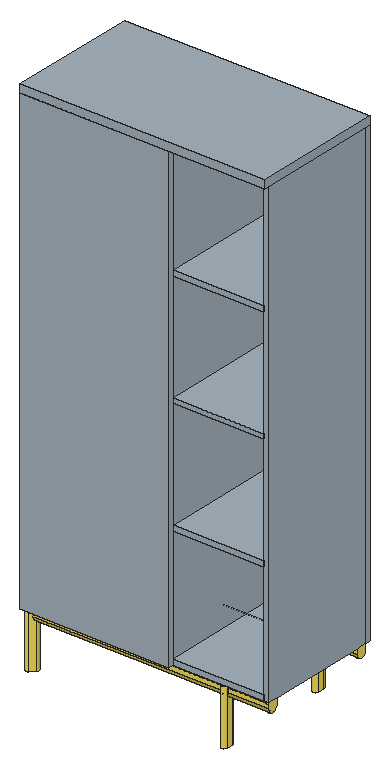
Revit family "DBLTD_TheSenatorGroup_OffcStrg_Play_CoatDrop", category Furniture, Revit 2018
Family settings
  Work Plane-Based = No
  Always vertical = Yes
  Cut with Voids When Loaded = No
  Shared = Yes
  Room Calculation Point = No
Parameters (values of type "Left Hand with Starter Base 825mm(w) x 440mm(d) x 1770mm(h)")
  WarrantyStartDate [instance] = "1900-12-31T23:59:59"
  WarrantyGuarantorParts = "15"
  WarrantyGuarantorLabor = "15"
  WarrantyDurationUnit = "Years"
  WarrantyDurationParts = "15"
  WarrantyDurationLabor = "15"
  WarrantyDescription = "Senator warrants that its manufactured products are free from manufacturing defects - in materials or workmanship - for a period of ten (10) years on Senator Seating ranges; and fifteen (15) years on Senator Desking ranges"
  Version = "1"  # constant formula
  Uniclass2015Version = "Products v1.9"
  Uniclass2015Title = "Office storage units"
  Uniclass2015Code = "Pr_40_30_78_57"
  URL = "https://www.thesenatorgroup.com/"
  TagNumber [instance] = "n/a"
  SustainabilityPerformance = "n/a"
  Style = "n/a"
  Size = "L 440mm x  W 825mm x  H 1770mm"
  Shape = "n/a"
  SerialNumber [instance] = "n/a"
  RightHand = no
  Revision = "n/a"
  ReplacementCost = "n/a"
  ProductInformation = "https://www.thesenatorgroup.com/"
  PanelMaterial [instance] = TheSenatorGroup_Play_MFC_Denim
  OmniClassVersion = "Table 22 2012-05-16"
  OmniClassTitle = "Storage"
  OmniClassCode = "22-12 51 19"
  NominalWidth = 825 mm
  NominalLength = 825 mm
  NominalHeight = 1770 mm
  NominalDepth = 440 mm
  Name = "TheSenatorGroup_OfficeStorage_Play_CoatDrop"
  NBSReference = "45-35-80/360"
  NBSDescription = "Office storage"
  NBSCertification = ""
  ModelReference = "825mm(w) x 440mm(d) x 1770mm(h)"
  ModelNumber = "PYP18-8-CD-L + PYP0804S"
  Model = ModelNumber  # "PYP18-8-CD-L + PYP0804S"
  Material = "Metal, MFC"
  ManufacturerURL = "https://www.thesenatorgroup.com/"
  ManufacturerName = "The Senator Group"
  Manufacturer = "The Senator Group"
  MainColor = "n/a"
  LeftHand = yes
  Keynote = "Pr_40_50_21_60"
  InstallationDate [instance] = "1900-12-31T23:59:59"
  IfcExportType = "STORAGE"  # constant formula
  IfcExportAs = "IfcFurnitureType"  # constant formula
  Grade = "n/a"
  FramesColour = "Black, White, Totally Orange, Traffic Yellow, Anthracite, Pistachio"
  FrameSupports = "n/a"
  Finish = "HD Highland Oak, BH Beech, MP Maple, WH White, AT Autumn. WK Winter Oak, SO Strata Oak, MC Mocha, HW Hacienda White, DN Denim, LY Clay, LS Lemon Sorbet, LG Light Grey, CW Carini Walnut"
  Features = "n/a"
  ExpectedLife = "n/a"
  DurationUnit = "year"
  DimensionsPlanSize = "825 mm x 440 mm"
  DimensionsHeight = "1770"
  Description = "Left Hand with Starter Base 825 mm x 440 mm Coat Drop"
  Cost = 0
  Constituents = "n/a"
  Color = "n/a"
  CodePerformance = "n/a"
  Category = "Pr_40_30_78_57:Office storage units"
  BaseType = NESTED_DBLTD_TheSenatorGroup_OffcStrg_Play_Base : Starter 825mm(w) x 440mm(d) x 185mm(h)
  BaseFinishMaterial [instance] = TheSenatorGroup_Play_MetalFrame_TrafficYellow
  BarCode [instance] = "n/a"
  BIMObjectName = "TheSenatorGroup_OfficeStorage_Play_CoatDrop"
  Author = "Diane Butterworth Ltd"  # constant formula
  AssetType = "Movable"
  AssetIdentifier [instance] = "n/a"
  AccessibilityPerformance = "n/a"
Types (8, lengths in mm): name | RightHand | ModelNumber | Model | LeftHand | Description | BaseType
  Left Hand with Starter Base 825mm(w) x 440mm(d) x 1770mm(h) | no | "PYP18-8-CD-L + PYP0804S" | "PYP18-8-CD-L + PYP0804S" | yes | "Left Hand with Starter Base 825 mm x 440 mm Coat Drop" | NESTED_DBLTD_TheSenatorGroup_OffcStrg_Play_Base : Starter 825mm(w) x 440mm(d) x 185mm(h)
  Left Hand with Add on Mid Base 825mm(w) x 440mm(d) x 1770mm(h) | no | "PYP18-8-CD-L + PYP0804MA" | "PYP18-8-CD-L + PYP0804MA" | yes | "Left Hand with Add on Mid Base 825 mm x 440 mm Coat Drop" | NESTED_DBLTD_TheSenatorGroup_OffcStrg_Play_Base : Mid 825mm(w) x 440mm(d) x 185mm(h)
  Left Hand with Add on End Base 825mm(w) x 440mm(d) x 1770mm(h) | no | "PYP18-8-CD-L + PYP0804EA" | "PYP18-8-CD-L + PYP0804EA" | yes | "Left Hand with Add on End Base 825 mm x 440 mm Coat Drop" | NESTED_DBLTD_TheSenatorGroup_OffcStrg_Play_Base : End 825mm(w) x 440mm(d) x 185mm(h)
  Left Hand with Stand Alone Base 825mm(w) x 440mm(d) x 1770mm(h) | no | "PYP18-8-CD-L + PYP0804" | "PYP18-8-CD-L + PYP0804" | yes | "Left Hand with Stand Alone Base 825 mm x 440 mm Coat Drop" | NESTED_DBLTD_TheSenatorGroup_OffcStrg_Play_Base : Stand Alone 825mm(w) x 440mm(d) x 185mm(h)
  Right Hand with Starter Base 825mm(w) x 440mm(d) x 1770mm(h) | yes | "PYP18-8-CD-R + PYP0804S" | "PYP18-8-CD-R + PYP0804S" | no | "Right Hand with Starter Base 825 mm x 440 mm Coat Drop" | NESTED_DBLTD_TheSenatorGroup_OffcStrg_Play_Base : Starter 825mm(w) x 440mm(d) x 185mm(h)
  Right Hand with Add on Mid Base 825mm(w) x 440mm(d) x 1770mm(h) | yes | "PYP18-8-CD-R + PYP0804MA" | "PYP18-8-CD-R + PYP0804MA" | no | "Right Hand with Add on Mid Base 825 mm x 440 mm Coat Drop" | NESTED_DBLTD_TheSenatorGroup_OffcStrg_Play_Base : Mid 825mm(w) x 440mm(d) x 185mm(h)
  Right Hand with Add on End Base 825mm(w) x 440mm(d) x 1770mm(h) | yes | "PYP18-8-CD-R + PYP0804EA" | "PYP18-8-CD-R + PYP0804EA" | no | "Right Hand with Add on End Base 825 mm x 440 mm Coat Drop" | NESTED_DBLTD_TheSenatorGroup_OffcStrg_Play_Base : End 825mm(w) x 440mm(d) x 185mm(h)
  Right Hand with Stand Alone Base 825mm(w) x 440mm(d) x 1770mm(h) | yes | "PYP18-8-CD-R + PYP0804" | "PYP18-8-CD-R + PYP0804" | no | "Right Hand with Stand Alone Base 825 mm x 440 mm Coat Drop" | NESTED_DBLTD_TheSenatorGroup_OffcStrg_Play_Base : Stand Alone 825mm(w) x 440mm(d) x 185mm(h)
Reference planes
  plane 1 "Center Front/Back": y = 0
  plane 2: z = 0
  plane 3 "Center (Left/Right)": x = 0
  plane 4: z = 1770
  plane 5 "Edge1": x = -412.5
  plane 6 "Edge3": x = 412.5
  plane 7 "Edge2": y = 220
  plane 8 "Edge4": y = -220
Dimensions and locks
  equal spacing: plane 5 "Edge1", plane 3 "Center (Left/Right)", plane 6 "Edge3"
  "NominalLength": plane 5 "Edge1" to plane 6 "Edge3"
  equal spacing: plane 8 "Edge4", plane 1 "Center Front/Back", plane 7 "Edge2"
  "NominalDepth": plane 7 "Edge2" to plane 8 "Edge4"
  "NominalHeight": plane 4 to level
  aligned and locked: level to plane 2
  aligned and locked: plane 3 "Center (Left/Right)" to nested 2
Nested families
  nested 1: "NESTED_DBLTD_TheSenatorGroup_OffcStrg_Play_Base" at (0, 0, 0), type <- "BaseType", BaseFinishMaterial <- "BaseFinishMaterial", type "Starter 825mm(w) x 440mm(d) x 185mm(h)"
    with WarrantyStartDate "1900-12-31T23:59:59", TagNumber "n/a", SerialNumber "n/a", InstallationDate "1900-12-31T23:59:59", BaseFinishMaterial TheSenatorGroup_Play_MetalFrame_TrafficYellow, BarCode "n/a", AssetIdentifier "n/a"
  nested 2: "DBLTD_TheSenatorGroup_OffcStrg_Play_CoatDrop_Carcass" at (0, 0, 0), visible <- "LeftHand", PanelMaterial <- "PanelMaterial", type "Coat Drop 825mm(w) x 440mm(d) x 1770mm(h)"
    with PanelMaterial TheSenatorGroup_Play_MFC_Denim
  nested 3: "DBLTD_TheSenatorGroup_OffcStrg_Play_CoatDrop_Carcass" at (0, 0, 0) x (-1, 0, 0) z (0, 0, 1), visible <- "RightHand", PanelMaterial <- "PanelMaterial", type "Coat Drop 825mm(w) x 440mm(d) x 1770mm(h)"
    with PanelMaterial TheSenatorGroup_Play_MFC_Denim
Definition of nested family "NESTED_DBLTD_TheSenatorGroup_OffcStrg_Play_Base"
  Parameters (values of type "Stand Alone 825mm(w) x 440mm(d) x 185mm(h)")
    WarrantyStartDate [instance] = "1900-12-31T23:59:59"
    WarrantyGuarantorParts = "15"
    WarrantyGuarantorLabor = "15"
    WarrantyDurationUnit = "Years"
    WarrantyDurationParts = "15"
    WarrantyDurationLabor = "15"
    WarrantyDescription = "Senator warrants that its manufactured products are free from manufacturing defects - in materials or workmanship - for a period of ten (10) years on Senator Seating ranges; and fifteen (15) years on Senator Desking ranges"
    Version = "1"  # constant formula
    Uniclass2015Version = "Products v1.9"
    Uniclass2015Title = "Office storage units"
    Uniclass2015Code = "Pr_40_30_78_57"
    URL = "https://www.thesenatorgroup.com/"
    TagNumber [instance] = "n/a"
    SustainabilityPerformance = "n/a"
    Style = "n/a"
    StarterLeg = yes
    Size = "L 440mm x  W 825mm x  H 185mm"
    Shape = "n/a"
    SerialNumber [instance] = "n/a"
    RightBar = 30 mm
    Revision = "n/a"
    ReplacementCost = "n/a"
    ProductInformation = "https://www.thesenatorgroup.com/"
    OmniClassVersion = "Table 22 2012-05-16"
    OmniClassTitle = "Storage"
    OmniClassCode = "22-12 51 19"
    NominalWidth = 825 mm
    NominalLength = 825 mm
    NominalHeight = 185 mm
    NominalDepth = 440 mm
    Name = "OfficeStorage_Play_Base"
    NBSReference = "45-35-80/360"
    NBSDescription = "Office storage"
    NBSCertification = ""
    ModelReference = "825mm(w) x 440mm(d) x 185mm(h)"
    ModelNumber = "PYP0804"
    Model = ModelNumber  # "PYP0804"
    MidLeg = no
    Material = "Metal"
    ManufacturerURL = "https://www.thesenatorgroup.com/"
    ManufacturerName = "The Senator Group"
    Manufacturer = "The Senator Group"
    MainColor = "n/a"
    LeftBar = 30 mm
    Keynote = "Pr_40_50_21_60"
    InstallationDate [instance] = "1900-12-31T23:59:59"
    IfcExportType = "STORAGE"  # constant formula
    IfcExportAs = "IfcFurnitureType"  # constant formula
    Grade = "n/a"
    FramesColour = "Black, White, Totally Orange, Traffic Yellow, Anthracite, Pistachio"
    FrameSupports = "n/a"
    Finish = "n/a"
    Features = "n/a"
    ExpectedLife = "n/a"
    EndLeg = yes
    DurationUnit = "year"
    DimensionsPlanSize = "825 mm x 440 mm"
    DimensionsHeight = "185"
    Description = "Stand Alone 825 mm x 440 mm Base"
    Cost = 0
    Constituents = "n/a"
    Color = "n/a"
    CodePerformance = "n/a"
    Category = "Pr_40_30_78_57:Office storage units"
    BaseFinishMaterial [instance] = none
    BarCode [instance] = "n/a"
    BIMObjectName = "TheSenatorGroup_OfficeStorage_Play_Base"
    Author = "Diane Butterworth Ltd"  # constant formula
    AssetType = "Movable"
    AssetIdentifier [instance] = "n/a"
    AccessibilityPerformance = "n/a"
  Types (4, lengths in mm): name | StarterLeg | RightBar | ModelNumber | Model | MidLeg | LeftBar | EndLeg | Description
    Starter 825mm(w) x 440mm(d) x 185mm(h) | yes | 0 | "PYP0804S" | "PYP0804S" | yes | 30 | no | "Starter 825 mm x 440 mm Base"
    Mid 825mm(w) x 440mm(d) x 185mm(h) | no | 0 | "PYP0804MA" | "PYP0804MA" | yes | 0 | no | "Mid 825 mm x 440 mm Base"
    End 825mm(w) x 440mm(d) x 185mm(h) | no | 30 | "PYP0804EA" | "PYP0804EA" | no | 0 | yes | "End 825 mm x 440 mm Base"
    Stand Alone 825mm(w) x 440mm(d) x 185mm(h) | yes | 30 | "PYP0804" | "PYP0804" | no | 30 | yes | "Stand Alone 825 mm x 440 mm Base"
  Reference planes
    plane 1 "Center Front/Back": y = 0
    plane 2: z = 0
    plane 3 "Center (Left/Right)": x = 0
    plane 4: z = 185
    plane 5 "Edge1": x = -412.5
    plane 6 "Edge3": x = 412.5
    plane 7 "Edge2": y = 220
    plane 8 "Edge4": y = -220
    plane 9: x = 382.5
    plane 10: x = -382.5
    plane 11: y = -190
    plane 12: y = 190
    plane 13 "Edge23": x = 262.5
  Forms (mm)
    Extrusion 1, solid, material <- "BaseFinishMaterial", visible <- "StarterLeg"
      sketch origin (14.5, 0, 185) x (-1, 0, 0) y (0, -1, 0)
        loop
          line (419.571, -195.429) -> (405.429, -181.287)
          arc (405.429, -181.287) -> (391.287, -181.287) -> (391.287, -195.429) r 10
          line (391.287, -195.429) -> (405.429, -209.571)
          arc (405.429, -209.571) -> (419.571, -209.571) -> (419.571, -195.429) r 10
      from 0 to -185
    Extrusion 2, solid, material <- "BaseFinishMaterial", visible <- "StarterLeg"
      sketch origin (14.5, 0, 185) x (-1, 0, 0) y (0, -1, 0)
        loop
          arc (419.571, 195.429) -> (419.571, 209.571) -> (405.429, 209.571) r 10
          line (405.429, 209.571) -> (391.287, 195.429)
          arc (391.287, 195.429) -> (391.287, 181.287) -> (405.429, 181.287) r 10
          line (405.429, 181.287) -> (419.571, 195.429)
      from 0 to -185
    Extrusion 3, solid, material <- "BaseFinishMaterial", detail levels medium+fine
      sketch origin (100, 100, 0) x (0, -1, 0) y (0, 0, -1)
        loop
          arc (271.5, -182) -> (272.379, -184.121) -> (274.5, -185) r 3
          line (274.5, -185) -> (299.5, -185)
          arc (299.5, -185) -> (301.621, -184.121) -> (302.5, -182) r 3
          line (302.5, -182) -> (302.5, -165)
          arc (302.5, -165) -> (287, -149.5) -> (271.5, -165) r 15.5
          line (271.5, -165) -> (271.5, -182)
      from -482.5 to 282.5
    Extrusion 4, solid, material <- "BaseFinishMaterial", visible <- "StarterLeg", detail levels medium+fine
      sketch origin (27, 0, 0) x (-1, 0, 0) y (0, 0, -1)
        loop
          arc (394, -182) -> (394.879, -184.121) -> (397, -185) r 3
          line (397, -185) -> (422, -185)
          arc (422, -185) -> (424.121, -184.121) -> (425, -182) r 3
          line (425, -182) -> (425, -165)
          arc (425, -165) -> (409.5, -149.5) -> (394, -165) r 15.5
          line (394, -165) -> (394, -182)
      from -190 to 190
    Extrusion 5, solid, material <- "BaseFinishMaterial", detail levels medium+fine
      sketch origin (100, -100, 0) x (0, 1, 0) y (0, 0, 1)
        loop
          line (271.5, 182) -> (271.5, 165)
          arc (271.5, 165) -> (287, 149.5) -> (302.5, 165) r 15.5
          line (302.5, 165) -> (302.5, 182)
          arc (302.5, 182) -> (301.621, 184.121) -> (299.5, 185) r 3
          line (299.5, 185) -> (274.5, 185)
          arc (274.5, 185) -> (272.379, 184.121) -> (271.5, 182) r 3
      from -482.5 to 282.5
    Extrusion 6, solid, material <- "BaseFinishMaterial", visible <- "MidLeg"
      sketch origin (389.779, -211.157, 185) x (-0.707107, 0.707107, 0) y (-0.707107, -0.707107, 0)
        loop
          line (389.571, -195.429) -> (375.429, -181.287)
          arc (375.429, -181.287) -> (361.287, -181.287) -> (361.287, -195.429) r 10
          line (361.287, -195.429) -> (375.429, -209.571)
          arc (375.429, -209.571) -> (389.571, -209.571) -> (389.571, -195.429) r 10
      from 0 to -185
    Extrusion 7, solid, material <- "BaseFinishMaterial", visible <- "MidLeg"
      sketch origin (389.779, 211.157, 185) x (-0.707107, -0.707107, 0) y (0.707107, -0.707107, 0)
        loop
          arc (389.571, 195.429) -> (389.571, 209.571) -> (375.429, 209.571) r 10
          line (375.429, 209.571) -> (361.287, 195.429)
          arc (361.287, 195.429) -> (361.287, 181.287) -> (375.429, 181.287) r 10
          line (375.429, 181.287) -> (389.571, 195.429)
      from 0 to -185
    Extrusion 8, solid, material <- "BaseFinishMaterial", visible <- "MidLeg", not visible
      sketch origin (389.779, -211.157, 185) x (-0.707107, 0.707107, 0) y (-0.707107, -0.707107, 0)
        loop
          line (389.571, -195.429) -> (375.429, -181.287)
          arc (375.429, -181.287) -> (361.287, -181.287) -> (361.287, -195.429) r 10
          line (361.287, -195.429) -> (375.429, -209.571)
          arc (375.429, -209.571) -> (389.571, -209.571) -> (389.571, -195.429) r 10
      from 0 to -185
    Extrusion 9, solid, material <- "BaseFinishMaterial", visible <- "MidLeg", not visible
      sketch origin (389.779, 211.157, 185) x (-0.707107, -0.707107, 0) y (0.707107, -0.707107, 0)
        loop
          arc (389.571, 195.429) -> (389.571, 209.571) -> (375.429, 209.571) r 10
          line (375.429, 209.571) -> (361.287, 195.429)
          arc (361.287, 195.429) -> (361.287, 181.287) -> (375.429, 181.287) r 10
          line (375.429, 181.287) -> (389.571, 195.429)
      from 0 to -185
    Extrusion 10, solid, material <- "BaseFinishMaterial", visible <- "MidLeg", detail levels medium+fine
      sketch origin (642, 0, 0) x (-1, 0, 0) y (0, 0, -1)
        loop
          arc (364, -182) -> (364.879, -184.121) -> (367, -185) r 3
          line (367, -185) -> (392, -185)
          arc (392, -185) -> (394.121, -184.121) -> (395, -182) r 3
          line (395, -182) -> (395, -165)
          arc (395, -165) -> (379.5, -149.5) -> (364, -165) r 15.5
          line (364, -165) -> (364, -182)
      from -190 to 190
    Extrusion 11, solid, material <- "BaseFinishMaterial", visible <- "MidLeg", not visible, detail levels medium+fine
      sketch origin (642, 0, 0) x (-1, 0, 0) y (0, 0, -1)
        loop
          arc (364, -182) -> (364.879, -184.121) -> (367, -185) r 3
          line (367, -185) -> (392, -185)
          arc (392, -185) -> (394.121, -184.121) -> (395, -182) r 3
          line (395, -182) -> (395, -165)
          arc (395, -165) -> (379.5, -149.5) -> (364, -165) r 15.5
          line (364, -165) -> (364, -182)
      from -190 to 190
    Extrusion 12, solid, material <- "BaseFinishMaterial", visible <- "StarterLeg", not visible
      sketch origin (-12.5, 0, 185) x (-1, 0, 0) y (0, -1, 0)
        loop
          line (419.571, -195.429) -> (405.429, -181.287)
          arc (405.429, -181.287) -> (391.287, -181.287) -> (391.287, -195.429) r 10
          line (391.287, -195.429) -> (405.429, -209.571)
          arc (405.429, -209.571) -> (419.571, -209.571) -> (419.571, -195.429) r 10
      from 0 to -185
    Extrusion 13, solid, material <- "BaseFinishMaterial", visible <- "StarterLeg", not visible
      sketch origin (-12.5, 0, 185) x (-1, 0, 0) y (0, -1, 0)
        loop
          arc (419.571, 195.429) -> (419.571, 209.571) -> (405.429, 209.571) r 10
          line (405.429, 209.571) -> (391.287, 195.429)
          arc (391.287, 195.429) -> (391.287, 181.287) -> (405.429, 181.287) r 10
          line (405.429, 181.287) -> (419.571, 195.429)
      from 0 to -185
    Extrusion 14, solid, material <- "BaseFinishMaterial", visible <- "StarterLeg", not visible, detail levels medium+fine
      sketch origin (0, 0, 0) x (-1, 0, 0) y (0, 0, -1)
        loop
          arc (394, -182) -> (394.879, -184.121) -> (397, -185) r 3
          line (397, -185) -> (422, -185)
          arc (422, -185) -> (424.121, -184.121) -> (425, -182) r 3
          line (425, -182) -> (425, -165)
          arc (425, -165) -> (409.5, -149.5) -> (394, -165) r 15.5
          line (394, -165) -> (394, -182)
      from -190 to 190
    Extrusion 15, solid, material <- "BaseFinishMaterial", visible <- "EndLeg"
      sketch origin (-14.5, 0, 185) x (1, 0, 0) y (0, 1, 0)
        loop
          arc (419.571, 195.429) -> (419.571, 209.571) -> (405.429, 209.571) r 10
          line (405.429, 209.571) -> (391.287, 195.429)
          arc (391.287, 195.429) -> (391.287, 181.287) -> (405.429, 181.287) r 10
          line (405.429, 181.287) -> (419.571, 195.429)
      from 0 to -185
    Extrusion 16, solid, material <- "BaseFinishMaterial", visible <- "EndLeg"
      sketch origin (-14.5, 0, 185) x (1, 0, 0) y (0, 1, 0)
        loop
          line (419.571, -195.429) -> (405.429, -181.287)
          arc (405.429, -181.287) -> (391.287, -181.287) -> (391.287, -195.429) r 10
          line (391.287, -195.429) -> (405.429, -209.571)
          arc (405.429, -209.571) -> (419.571, -209.571) -> (419.571, -195.429) r 10
      from 0 to -185
    Extrusion 17, solid, material <- "BaseFinishMaterial", visible <- "EndLeg", detail levels medium+fine
      sketch origin (-27, 0, 0) x (1, 0, 0) y (0, 0, -1)
        loop
          arc (394, -182) -> (394.879, -184.121) -> (397, -185) r 3
          line (397, -185) -> (422, -185)
          arc (422, -185) -> (424.121, -184.121) -> (425, -182) r 3
          line (425, -182) -> (425, -165)
          arc (425, -165) -> (409.5, -149.5) -> (394, -165) r 15.5
          line (394, -165) -> (394, -182)
      from -190 to 190
    Extrusion 18, solid, material <- "BaseFinishMaterial", visible <- "EndLeg", not visible
      sketch origin (-44.5, 0, 185) x (1, 0, 0) y (0, 1, 0)
        loop
          line (-387.571, 195.429) -> (-373.429, 181.287)
          arc (-373.429, 181.287) -> (-359.287, 181.287) -> (-359.287, 195.429) r 10
          line (-359.287, 195.429) -> (-373.429, 209.571)
          arc (-373.429, 209.571) -> (-387.571, 209.571) -> (-387.571, 195.429) r 10
      from 0 to -185
    Extrusion 19, solid, material <- "BaseFinishMaterial", visible <- "EndLeg", not visible
      sketch origin (-44.5, 0, 185) x (1, 0, 0) y (0, 1, 0)
        loop
          arc (-387.571, -195.429) -> (-387.571, -209.571) -> (-373.429, -209.571) r 10
          line (-373.429, -209.571) -> (-359.287, -195.429)
          arc (-359.287, -195.429) -> (-359.287, -181.287) -> (-373.429, -181.287) r 10
          line (-373.429, -181.287) -> (-387.571, -195.429)
      from 0 to -185
    Extrusion 20, solid, material <- "BaseFinishMaterial", visible <- "EndLeg", not visible, detail levels medium+fine
      sketch origin (-57, 0, 0) x (1, 0, 0) y (0, 0, -1)
        loop
          line (-337, -182) -> (-337, -165)
          arc (-337, -165) -> (-352.5, -149.5) -> (-368, -165) r 15.5
          line (-368, -165) -> (-368, -182)
          arc (-368, -182) -> (-367.121, -184.121) -> (-365, -185) r 3
          line (-365, -185) -> (-340, -185)
          arc (-340, -185) -> (-337.879, -184.121) -> (-337, -182) r 3
      from -190 to 190
  Dimensions and locks
    equal spacing: plane 5 "Edge1", plane 3 "Center (Left/Right)", plane 6 "Edge3"
    "NominalLength": plane 5 "Edge1" to plane 6 "Edge3"
    equal spacing: plane 8 "Edge4", plane 1 "Center Front/Back", plane 7 "Edge2"
    "NominalDepth": plane 7 "Edge2" to plane 8 "Edge4"
    "RightBar": plane 9 to plane 6 "Edge3"
    "LeftBar": plane 5 "Edge1" to plane 10
    locked: plane 11 to plane 8 "Edge4" at 30
    locked: plane 12 to plane 7 "Edge2" at 30
    "NominalHeight": plane 4 to level
    locked: plane 13 "Edge23" to plane 6 "Edge3" at 150
    locked: plane 5 "Edge1" to Extrusion 1 at 24.5
    locked: Extrusion 15 to plane 6 "Edge3" at 24.5
    aligned and locked: level to plane 2
    aligned and locked: plane 4 to Extrusion 1
    aligned and locked: plane 10 to Extrusion 3
    aligned and locked: Extrusion 4 to plane 11
    aligned and locked: Extrusion 4 to plane 12
    aligned and locked: plane 10 to Extrusion 5
    aligned and locked: Extrusion 2 to Extrusion 1
    aligned and locked: plane 4 to Extrusion 2
    aligned and locked: plane 9 to Extrusion 3
    aligned and locked: plane 9 to Extrusion 5
    aligned and locked: Extrusion 16 to Extrusion 15
  Automatic sketch dimensions
    Extrusion 6 sketch curve to Extrusion 6 sketch curve = 7.071 mm  (x7)
    Extrusion 6 sketch curve to Extrusion 6 sketch curve = 14.142 mm
    Extrusion 7 sketch curve to Extrusion 7 sketch curve = 7.071 mm  (x6)
    Extrusion 7 sketch curve to Extrusion 7 sketch curve = 14.142 mm
    Extrusion 7 sketch curve to Extrusion 7 sketch curve = 0 mm
    Extrusion 8 sketch curve to Extrusion 8 sketch curve = 7.071 mm  (x7)
    Extrusion 8 sketch curve to Extrusion 8 sketch curve = 14.142 mm
    Extrusion 9 sketch curve to Extrusion 9 sketch curve = 7.071 mm  (x6)
    Extrusion 9 sketch curve to Extrusion 9 sketch curve = 14.142 mm
    Extrusion 9 sketch curve to Extrusion 9 sketch curve = 0 mm
    Extrusion 1 sketch curve to Extrusion 1 sketch curve = 7.071 mm  (x6)
    Extrusion 2 sketch curve to Extrusion 2 sketch curve = 7.071 mm  (x6)
    Extrusion 3 sketch curve to plane 4 = 0 mm
    Extrusion 3 sketch curve to plane 4 = 3 mm  (x2)
    plane 11 to Extrusion 3 sketch curve = 18.5 mm
    plane 11 to Extrusion 3 sketch curve = 3 mm
    Extrusion 3 sketch curve to plane 4 = 20 mm
    Extrusion 4 sketch curve to Extrusion 4 sketch curve = 17 mm
    Extrusion 5 sketch curve to plane 4 = 0 mm
    Extrusion 5 sketch curve to plane 4 = 3 mm  (x2)
    plane 12 to Extrusion 5 sketch curve = 18.5 mm
    plane 12 to Extrusion 5 sketch curve = 3 mm
    Extrusion 5 sketch curve to Extrusion 5 sketch curve = 17 mm
    Extrusion 10 sketch curve to Extrusion 10 sketch curve = 15.5 mm
    Extrusion 10 sketch curve to Extrusion 10 sketch curve = 17 mm
    Extrusion 10 sketch curve to Extrusion 10 sketch curve = 3 mm  (x2)
    Extrusion 1 sketch curve to Extrusion 1 sketch curve = 14.142 mm  (x2)
    Extrusion 2 sketch curve to Extrusion 2 sketch curve = 14.142 mm  (x2)
    Extrusion 4 sketch curve to Extrusion 4 sketch curve = 3 mm  (x2)
    Extrusion 4 sketch curve to Extrusion 4 sketch curve = 15.5 mm
    Extrusion 12 sketch curve to Extrusion 12 sketch curve = 7.071 mm  (x6)
    Extrusion 13 sketch curve to Extrusion 13 sketch curve = 7.071 mm  (x6)
    Extrusion 14 sketch curve to Extrusion 14 sketch curve = 17 mm
    Extrusion 12 sketch curve to Extrusion 12 sketch curve = 14.142 mm  (x2)
    Extrusion 13 sketch curve to Extrusion 13 sketch curve = 14.142 mm  (x2)
    Extrusion 14 sketch curve to Extrusion 14 sketch curve = 3 mm  (x2)
    Extrusion 14 sketch curve to Extrusion 14 sketch curve = 15.5 mm
    Extrusion 15 sketch curve to Extrusion 15 sketch curve = 7.071 mm  (x6)
    Extrusion 16 sketch curve to Extrusion 16 sketch curve = 7.071 mm  (x6)
    Extrusion 17 sketch curve to Extrusion 17 sketch curve = 17 mm
    Extrusion 15 sketch curve to Extrusion 15 sketch curve = 14.142 mm  (x2)
    Extrusion 16 sketch curve to Extrusion 16 sketch curve = 14.142 mm  (x2)
    Extrusion 17 sketch curve to Extrusion 17 sketch curve = 3 mm  (x2)
    Extrusion 17 sketch curve to Extrusion 17 sketch curve = 15.5 mm
    Extrusion 18 sketch curve to Extrusion 18 sketch curve = 7.071 mm  (x6)
    Extrusion 19 sketch curve to Extrusion 19 sketch curve = 7.071 mm  (x6)
    Extrusion 20 sketch curve to Extrusion 20 sketch curve = 17 mm
    Extrusion 18 sketch curve to Extrusion 18 sketch curve = 14.142 mm  (x2)
    Extrusion 19 sketch curve to Extrusion 19 sketch curve = 14.142 mm  (x2)
    Extrusion 20 sketch curve to Extrusion 20 sketch curve = 3 mm  (x2)
    Extrusion 20 sketch curve to Extrusion 20 sketch curve = 15.5 mm
Definition of nested family "DBLTD_TheSenatorGroup_OffcStrg_Play_CoatDrop_Carcass"
  Parameters (values of type "Coat Drop 825mm(w) x 440mm(d) x 1770mm(h)")
    URL = ""
    PanelMaterial [instance] = none
    Model = ""
    Manufacturer = ""
    Keynote = ""
    Description = ""
    Cost = 0
  Reference planes
    plane 1 "Center Front/Back": y = 0
    plane 2: z = 0
    plane 3 "Center (Left/Right)": x = 0
    plane 4: z = 1770
    plane 5 "Edge1": x = -412.5
    plane 6 "Edge3": x = 412.5
    plane 7 "Edge2": y = 220
    plane 8 "Edge4": y = -220
    plane 9: z = 185
  Forms (mm)
    Extrusion 1, solid, material <- "PanelMaterial"
      sketch origin (0, 0, 0) x (1, 0, 0) y (0, 0, 1)
        loop
          line (-412.5, 1745) -> (-412.5, 185) -> (412.5, 185) -> (412.5, 1745) -> (-412.5, 1745)
      from -220 to -203
    Extrusion 2, solid, material <- "PanelMaterial"
      sketch origin (0, -290, 0) x (1, 0, 0) y (0, 0, 1)
        loop
          line (-412.5, 1745) -> (-412.5, 185) -> (87.133, 185) -> (87.133, 1745) -> (-412.5, 1745)
      from -87 to -70
    Extrusion 3, solid, material <- "PanelMaterial"
      sketch origin (0, 0, 0) x (1, 0, 0) y (0, 0, 1)
        loop
          line (87.133, 1377.5) -> (87.133, 1360.5) -> (395.5, 1360.5) -> (395.5, 1377.5) -> (87.133, 1377.5)
        loop
          line (87.133, 992) -> (87.133, 975) -> (395.5, 975) -> (395.5, 992) -> (87.133, 992)
        loop
          line (87.133, 606.5) -> (87.133, 589.5) -> (395.5, 589.5) -> (395.5, 606.5) -> (87.133, 606.5)
      from -203 to 203
    Extrusion 4, solid, material <- "PanelMaterial"
      sketch origin (0, 0, 0) x (0, 1, 0) y (0, 0, 1)
        loop
          line (203, 1745) -> (-203, 1745) -> (-203, 185) -> (203, 185) -> (203, 1745)
      from 395.5 to 412.5
    Extrusion 5, solid, material <- "PanelMaterial"
      sketch origin (-660, 0, 0) x (0, 1, 0) y (0, 0, 1)
        loop
          line (203, 385) -> (-203, 385) -> (-203, 185) -> (203, 185) -> (203, 385)
      from 247.5 to 264.5
    Extrusion 6, solid, material <- "PanelMaterial"
      sketch origin (0, 0, 0) x (1, 0, 0) y (0, 0, 1)
        loop
          line (-395.5, 202) -> (-395.5, 185) -> (395.5, 185) -> (395.5, 202) -> (-395.5, 202)
      from -203 to 203
    Extrusion 7, solid, material <- "PanelMaterial"
      sketch origin (0, 0, 185) x (-1, 0, 0) y (0, -1, 0)
        loop
          line (412.5, -220) -> (412.5, 220) -> (-412.5, 220) -> (-412.5, -220) -> (412.5, -220)
      from 1560 to 1585
    Extrusion 8, solid, material <- "PanelMaterial"
      sketch origin (0, 0, 185) x (-1, 0, 0) y (0, -1, 0)
        loop
          line (-87.133, -203) -> (17.867, -203) -> (17.867, 203) -> (-87.133, 203) -> (-87.133, -203)
      from 17 to 1560
    Extrusion 9, solid
      sketch origin (0, 0, 0) x (1, 0, 0) y (0, 0, 1)
        loop
          circle (-205.789, 1595.56) r 12.5
      from -203 to 203
  Dimensions and locks
    equal spacing: plane 5 "Edge1", plane 3 "Center (Left/Right)", plane 6 "Edge3"
    plane 5 "Edge1" to plane 6 "Edge3" = 825 mm
    equal spacing: plane 8 "Edge4", plane 1 "Center Front/Back", plane 7 "Edge2"
    plane 7 "Edge2" to plane 8 "Edge4" = 440 mm
    aligned and locked: level to plane 2
    aligned and locked: plane 5 "Edge1" to Extrusion 1 sketch curve
    aligned and locked: plane 9 to Extrusion 1 sketch curve
    aligned and locked: Extrusion 2 to plane 8 "Edge4"
    aligned and locked: Extrusion 1 to Extrusion 4 sketch curve
    aligned and locked: Extrusion 4 sketch curve to Extrusion 1
    aligned and locked: Extrusion 5 to plane 5 "Edge1"
    aligned and locked: Extrusion 6 to Extrusion 1
    aligned and locked: plane 4 to Extrusion 7
    aligned and locked: Extrusion 7 to Extrusion 1
    aligned and locked: Extrusion 3 to Extrusion 8 sketch curve
    aligned and locked: Extrusion 8 sketch curve to Extrusion 3
    aligned and locked: Extrusion 1 to Extrusion 8
    aligned and locked: Extrusion 9 to Extrusion 1
  Automatic sketch dimensions
    Extrusion 2 sketch curve to plane 5 "Edge1" = 0 mm
    Extrusion 2 sketch curve to plane 9 = 0 mm
    Extrusion 5 sketch curve to plane 9 = 0 mm
    Extrusion 6 sketch curve to plane 9 = 0 mm
    Extrusion 1 sketch curve to plane 6 "Edge3" = 0 mm
    Extrusion 4 sketch curve to plane 9 = 0 mm
    Extrusion 7 sketch curve to plane 6 "Edge3" = 0 mm
    Extrusion 7 sketch curve to plane 5 "Edge1" = 0 mm
    plane 7 "Edge2" to Extrusion 7 sketch curve = 0 mm
    Extrusion 7 sketch curve to plane 8 "Edge4" = 0 mm
    Extrusion 3 sketch curve to plane 6 "Edge3" = 17 mm  (x3)
    Extrusion 6 sketch curve to plane 6 "Edge3" = 17 mm
    plane 3 "Center (Left/Right)" to Extrusion 2 sketch curve = 87.133 mm
    plane 3 "Center (Left/Right)" to Extrusion 3 sketch curve = 87.133 mm  (x3)
    Extrusion 8 sketch curve to plane 3 "Center (Left/Right)" = 17.867 mm
    plane 5 "Edge1" to Extrusion 6 sketch curve = 17 mm
    Extrusion 9 sketch curve to plane 3 "Center (Left/Right)" = 205.789 mm
    plane 7 "Edge2" to Extrusion 5 sketch curve = 17 mm
    plane 8 "Edge4" to Extrusion 4 sketch curve = 17 mm
    plane 8 "Edge4" to Extrusion 5 sketch curve = 17 mm
    plane 8 "Edge4" to Extrusion 8 sketch curve = 17 mm
    Extrusion 6 sketch curve to Extrusion 6 sketch curve = 17 mm
    plane 9 to Extrusion 3 sketch curve = 404.5 mm
    Extrusion 3 sketch curve to Extrusion 3 sketch curve = 17 mm  (x3)
    Extrusion 3 sketch curve to Extrusion 3 sketch curve = 368.5 mm  (x2)
    Extrusion 1 sketch curve to plane 4 = 25 mm
    Extrusion 2 sketch curve to plane 4 = 25 mm
    Extrusion 5 sketch curve to Extrusion 5 sketch curve = 200 mm
    Extrusion 9 sketch curve to plane 4 = 174.44 mm
    radius of Extrusion 9 sketch curve = 12.5 mm
